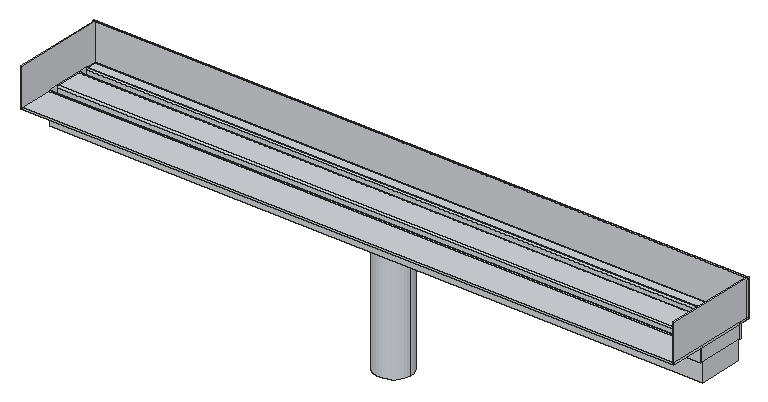
Revit family "RS775KDuschrinne", category Sanitärinstallationen, Revit 2020
Family settings
  Bemaßung runder Anschluss = Durchmesser verwenden
  Teiletyp = Normal
  Arbeitsebenenbasiert = Nein
  Immer vertikal = Ja
  Beim Laden mit Abzugskörper schneiden = Nein
  Gemeinsam genutzt = Nein
  Raumberechnungspunkt = Nein
Parameters (values of type "verdeckt mit Kleberand")
  Übergangsbride [instance] = no
  umlaufender Kleberand [instance] = no
  Vorgabe-Ansicht = 0 mm
  Verdeckt [instance] = yes
  Verbindungsbügel [instance] = L Links + L Rechts  # 1000 mm
  URL = "https://www.resitec.ch/"
  Seitenprofil Länge [instance] = 800 mm
  Seitenprofil Links [instance] = no
  Seitenprofil 4.5mm [instance] = yes
  Seitenprofil 20mm [instance] = no
  Seitenprofil [instance] = no
  Rost innen ref [instance] = 10 mm
  Rinnen Tiefe [instance] = 67 mm  # constant formula
  Rinnen Breite rechts [instance] = 500 mm
  Rinnen Breite links [instance] = 500 mm
  Rand Seitlich [instance] = 50 mm
  RS_zargonref [instance] = if(Zarge hinten, 3 mm, if(Zarge rechts, 2 mm, if(Zarge links, 1 mm, 7 mm)))  # 3 mm
  RS_sponref [instance] = if(Seitenprofil, if(Seitenprofil Links, 1, 2), 0)  # 0
  RS_spRon [instance] = (RS_sponref = 2)  # no
  RS_spLon [instance] = (RS_sponref = 1)  # no
  RS_sFalz [instance] = 4.5 mm
  RS_s002 = 1.8 mm
  RS_s001 = 3 mm  # constant formula
  RS_rechtsKR [instance] = L Rechts + RS_KR  # 550 mm
  RS_2ZGSB [instance] = no
  RS_1ZGSB [instance] = no
  RS_0xZGveron [instance] = no
  RS_min80 [instance] = if(Rinnen Tiefe < 60 mm, 60 mm, Rinnen Tiefe)  # 67 mm
  RS_linksKR [instance] = L Links + RS_KR  # 550 mm
  RS_hts [instance] = 3 mm
  RS_gefun [instance] = 60 mm
  RS_gefob [instance] = 40 mm
  RS_dpschon [instance] = yes
  RS_dimmin95 [instance] = 100 mm
  RS_dimk001 = 115 mm  # constant formula
  RS_dim002ref [instance] = 0 mm
  RS_dim001 [instance] = if(Verdeckt, 2 mm, if(RS_zargonref = 1 mm, 2 mm, if(RS_zargonref = 2 mm, 20 mm, if(RS_zargonref = 3 mm, 2 mm, 20 mm))))  # 2 mm
  RS_dim002 [instance] = if(Seitenprofil, 20 mm, if(Verdeckt, 2 mm, 20 mm))  # 2 mm
  RS_dim003 [instance] = 46 mm  # constant formula
  RS_diaRost [instance] = 2 mm
  RS_diaFalz [instance] = (RS_sFalz / 2) - 0.4 mm  # 1.85 mm
  RS_dia002 = 110 mm
  RS_dia001 = 227.5 mm
  RS_breite Rand [instance] = Rand Seitlich  # 50 mm
  RS_bSeitenpro [instance] = if(Seitenprofil 20mm, 20 mm, if(Seitenprofil 4.5mm, 4.5 mm, 20 mm))  # 4.5 mm
  RS_RohrL [instance] = if(Länge Rohr < RS_gefun, ((RS_gefun + 10 mm) - RS_gefob), Länge Rohr)  # 200 mm
  RS_RinneRon [instance] = yes
  RS_RinneLon [instance] = yes
  RS_LrechtsSeitenpro [instance] = Seitenprofil Länge  # 800 mm
  RS_LlinksSeitenpro [instance] = Seitenprofil Länge  # 800 mm
  RS_KRvorne [instance] = 80 mm  # constant formula
  RS_KRref [instance] = if(Zarge hinten, 50 mm, (if(Zarge links, 28 mm, (if(RS_ZargLon, 18 mm, 50 mm)))))  # 50 mm
  RS_KRr [instance] = yes
  RS_KRon [instance] = no
  RS_KRl [instance] = yes
  RS_KRhinten [instance] = if(RS_zargonref = 7 mm, 80 mm, if(RS_zargonref = 1 mm, 58 mm, if(RS_zargonref = 2 mm, 80 mm, if(RS_zargonref = 3 mm, 48 mm, 50 mm))))  # 48 mm
  RS_KR [instance] = if(RS_zargonref = 2 mm, 28 mm, if(Seitenprofil, RS_KRref + RS_bSeitenpro, RS_KRref))  # 50 mm
  RS_HZarge [instance] = H Zarge  # 50 mm
  RS_DN2 = 0 mm
  RS_DN1d [instance] = D  # 48.5 mm
  RS_DN1 = 100 mm  # constant formula
  RS_URL = "https://resitec.ch/entwaesserungstechnik/entwaesserungsrinnen/"
  RS_Rost_Typ [instance] = ""
  RS_Manufacture = "Resitec"  # constant formula
  RS_Description [instance] = "verdeckt an Wand mit Auslaufkasten\r\n exzentrisch sowie mit Kleberand und Zarge"
  RS_Articelnumber [instance] = "Schlitzrinne"
  RS_ZargRon [instance] = if(Zarge rechts, if(Seitenprofil, RS_zargonref > 8 mm, RS_zargonref < 3 mm), RS_zargonref = 1 mm)  # no
  RS_ZargLon [instance] = if(Seitenprofil, RS_zargonref > 8 mm, RS_zargonref = 1 mm)  # no
  RS_1xZGverdref [instance] = if(RS_zargonref = 7 mm, 1, 0)  # 0
  RS_1xZGverdon [instance] = no
  RS_ZargHon [instance] = if(Zarge hinten, RS_zargonref < 4 mm, RS_zargonref = 1 mm)  # yes
  RS_0xZGverdonref [instance] = if(Verdeckt, if(Zarge rechts, 2 mm, 7 mm), 7 mm)  # 2 mm
  Länge Rohr [instance] = 200 mm
  L Rechts Innen ref [instance] = if(RS_ZargRon, L Rechts, L Rechts - RS_breite Rand)  # 450 mm
  L Rechts [instance] = Rinnen Breite rechts  # 500 mm
  L Links innen ref [instance] = if(RS_ZargRon, L Links, L Links - RS_breite Rand)  # 450 mm
  L Links [instance] = Rinnen Breite links  # 500 mm
  Hersteller = RS_Manufacture  # "Resitec"
  H Zarge [instance] = 50 mm  # constant formula
  D [instance] = 48.5 mm
  Breite Innen ref [instance] = 40 mm  # constant formula
  Breite Aussen ref [instance] = 60 mm  # constant formula
  Description = ""
  Baugruppenkennzeichen = "D2030300"
  B [instance] = L Links + L Rechts  # 1000 mm
  Anschlusswert DU L/s = 0
  A [instance] = L Links innen ref + L Rechts Innen ref  # 900 mm
  Zarge links [instance] = yes
  Zarge rechts [instance] = yes
  Zarge hinten [instance] = yes
Types (10, lengths in mm): name | Verdeckt | Verbindungsbügel | Seitenprofil Links | Seitenprofil 4.5mm | Seitenprofil 20mm | Rinnen Breite rechts | Rinnen Breite links | RS_zargonref | RS_rechtsKR | RS_2ZGSB | RS_1ZGSB | RS_0xZGveron | RS_linksKR | RS_dim001 | RS_dim002 | RS_bSeitenpro | RS_KRref | RS_KRhinten | RS_KR | RS_ZargRon | RS_ZargLon | RS_1xZGverdref | RS_1xZGverdon | RS_ZargHon | RS_0xZGverdonref | L Rechts Innen ref | L Rechts | L Links innen ref | L Links | B | A | Zarge links | Zarge rechts | Zarge hinten
  (no name) | yes | 1000 | no | yes | no | 500 | 500 | 3 | 550 | no | no | no | 550 | 2 | 2 | 4.5 | 50 | 48 | 50 | no | no | 0 | no | yes | 2 | 450 | 500 | 450 | 500 | 1000 | 900 | yes | yes | yes
  Kleberand und an den Enden mit Zarge | no | 1000 | yes | no | yes | 500 | 500 | 2 | 528 | yes | no | no | 528 | 20 | 20 | 20 | 50 | 80 | 28 | yes | no | 0 | yes | no | 7 | 500 | 500 | 500 | 500 | 1000 | 1000 | no | yes | no
  Umlaufendem Kleberand | no | 2000 | yes | no | yes | 1000 | 1000 | 7 | 1050 | yes | no | yes | 1050 | 20 | 20 | 20 | 50 | 80 | 50 | no | no | 1 | no | no | 7 | 950 | 1000 | 950 | 1000 | 2000 | 1900 | no | no | no
  3x Zarge 1x Kleberand | no | 1000 | yes | no | yes | 500 | 500 | 3 | 550 | yes | no | no | 550 | 2 | 20 | 20 | 50 | 48 | 50 | no | no | 0 | yes | yes | 7 | 450 | 500 | 450 | 500 | 1000 | 900 | yes | yes | yes
  1x Zarge 3x Kleberand | no | 1600 | yes | no | yes | 800 | 800 | 3 | 850 | yes | yes | yes | 850 | 2 | 20 | 20 | 50 | 48 | 50 | no | no | 0 | yes | yes | 7 | 750 | 800 | 750 | 800 | 1600 | 1500 | no | no | yes
  verdeckt mit Kleberand | yes | 1000 | no | yes | no | 500 | 500 | 3 | 550 | no | no | no | 550 | 2 | 2 | 4.5 | 50 | 48 | 50 | no | no | 0 | no | yes | 2 | 450 | 500 | 450 | 500 | 1000 | 900 | yes | yes | yes
  3x Zarge verdeckt | yes | 1600 | yes | no | yes | 800 | 800 | 1 | 828 | yes | no | no | 828 | 2 | 2 | 20 | 28 | 58 | 28 | yes | yes | 0 | yes | yes | 7 | 800 | 800 | 800 | 800 | 1600 | 1600 | yes | no | no
  1x Zarge verdeckt | yes | 1600 | yes | no | yes | 800 | 800 | 3 | 850 | yes | yes | yes | 850 | 2 | 2 | 20 | 50 | 48 | 50 | no | no | 0 | yes | yes | 7 | 750 | 800 | 750 | 800 | 1600 | 1500 | no | no | yes
  2xZargeH+R | no | 1000 | yes | no | yes | 500 | 500 | 3 | 550 | yes | no | yes | 550 | 2 | 20 | 20 | 50 | 48 | 50 | no | no | 0 | no | yes | 7 | 450 | 500 | 450 | 500 | 1000 | 900 | no | yes | yes
  2xZargeH+L | no | 1000 | yes | no | yes | 500 | 500 | 3 | 550 | yes | yes | no | 550 | 2 | 20 | 20 | 50 | 48 | 50 | no | no | 0 | no | yes | 7 | 450 | 500 | 450 | 500 | 1000 | 900 | yes | no | yes
Reference planes
  plane 1 "Mitte (Vorne/hinten)": y = 0
  plane 2: z = 0
  plane 3 "Mitte (Links/rechts)": x = 0
  plane 4: x = -500
  plane 5: x = 500
  plane 6: y = 30
  plane 7: y = -30
  plane 8 "Lsite": x = -450
  plane 9 "Rsite": x = 450
  plane 10 "ebeneKBlech": z = -2
  plane 11 "ebeneKBlechVAR": z = -2
  plane 12 "back": y = 48
  plane 13: x = 550
  plane 14 "KRfront": y = -80
  plane 15: x = -550
  plane 16: z = -200
  plane 17: x = -448.2
  plane 18: x = 448.2
  plane 19: z = -46
  plane 20 "min80": z = -67
  plane 21: z = 50
  plane 22: x = -454.5
  plane 23: x = 454.5
  plane 24 "FrontspL": y = -752
  plane 25 "FrontspR": y = -752
  plane 26: x = -400
  plane 27: x = 400
  plane 28: y = -34.5
  plane 29: y = 34.5
  plane 30: y = 20
  plane 31: y = -20
  plane 32: y = -32.25
  plane 33: y = 32.25
  plane 34: z = 67.613
  plane 35 "-20base": z = -20
  plane 36: x = 478
  plane 37: x = -478
  plane 38: z = -0.2
Forms (mm)
  Extrusion 1, solid
    sketch origin (0, 80.5, -2) x (-1, 0, 0) y (0, -1, 0)
      loop
        circle (0, 80.5) r 24.15
    from -198 to -44
  Extrusion 2, solid
    sketch origin (0, 0, 0) x (0, 1, 0) y (0, 0, 1)
      loop
        line (-30, -46) -> (30, -46) -> (30, -20) -> (34.5, -20) -> (34.5, -1.85)
        arc (34.5, -1.85) -> (33.958, -0.542) -> (32.65, 0) r 1.85
        line (32.65, 0) -> (31.85, 0)
        arc (31.85, 0) -> (30.542, -0.542) -> (30, -1.85) r 1.85
        line (30, -1.85) -> (30, -15) -> (-30, -15) -> (-30, -1.85)
        arc (-30, -1.85) -> (-30.542, -0.542) -> (-31.85, 0) r 1.85
        line (-31.85, 0) -> (-32.65, 0)
        arc (-32.65, 0) -> (-33.958, -0.542) -> (-34.5, -1.85) r 1.85
        line (-34.5, -1.85) -> (-34.5, -20) -> (-30, -20) -> (-30, -46)
    from -450 to 450
  Extrusion 3, solid
    sketch origin (0, 0, -2) x (-1, 0, 0) y (0, -1, 0)
      loop
        line (450, 32.25) -> (450, 80) -> (-450, 80) -> (-450, 32.25) -> (450, 32.25)
    from 0 to 1.8
  Extrusion 4, solid
    sketch origin (0, 0, 0) x (0, 1, 0) y (0, 0, 1)
      loop
        line (18, 0) -> (-18, 0)
        arc (-18, 0) -> (-19.414, -0.586) -> (-20, -2) r 2
        line (-20, -2) -> (-20, -13.505) -> (20, -13.505) -> (20, -2)
        arc (20, -2) -> (19.414, -0.586) -> (18, 0) r 2
    from -448.2 to 448.2
  Extrusion 5, solid, visible <- "RS_ZargHon"
    sketch origin (0, 0, 0) x (0, 1, 0) y (0, 0, 1)
      loop
        line (48, 50) -> (46.2, 50) -> (46.2, -2) -> (48, -2) -> (48, 50)
    from -450 to 450
  Extrusion 6, solid
    sketch origin (0, 0, -13) x (1, 0, 0) y (0, 1, 0)
      loop
        line (-450, 48) -> (-450, 32.25) -> (450, 32.25) -> (450, 48) -> (-450, 48)
    from 11 to 12.8
  Extrusion 7, solid, visible <- "Zarge links"
    sketch origin (-450, 124.731, 1200) x (0, 1, 0) y (0, 0, 1)
      loop
        line (-76.731, -1150) -> (-204.731, -1150) -> (-204.731, -1202) -> (-76.731, -1202) -> (-76.731, -1150)
    from 0 to 1.8
  Extrusion 8, solid, visible <- "Zarge rechts"
    sketch origin (748.2, 124.731, 1200) x (0, 1, 0) y (0, 0, 1)
      loop
        line (-76.731, -1150) -> (-204.731, -1150) -> (-204.731, -1202) -> (-76.731, -1202) -> (-76.731, -1150)
    from -300 to -298.2
  Extrusion 9, solid, visible <- "RS_spLon"
    sketch origin (0, 48, 0) x (-1, 0, 0) y (0, 0, 1)
      loop
        line (500, 0) -> (500, 67.613) -> (400, 67.613) -> (400, 50) -> (450, 50) -> (450, 0) -> (500, 0)
    from 0 to -1.8
  Extrusion 10, solid
    sketch origin (0, 0, -20) x (0, 1, 0) y (-1, 0, 0)
      loop
        line (32.25, 450) -> (-32.25, 450) -> (-32.25, 448.2) -> (32.25, 448.2) -> (32.25, 450)
    from 0 to 20
  Extrusion 11, solid
    sketch origin (0, 0, -20) x (0, 1, 0) y (-1, 0, 0)
      loop
        line (32.25, -448.2) -> (-32.25, -448.2) -> (-32.25, -450) -> (32.25, -450) -> (32.25, -448.2)
    from 18 to 20
  Extrusion 12, solid, visible <- "Zarge hinten"
    sketch origin (-450, 124.731, 1200) x (0, 1, 0) y (0, 0, 1)
      loop
        line (-78.531, -1202) -> (-78.531, -1200.2) -> (-90.231, -1200.2) -> (-90.231, -1202) -> (-78.531, -1202)
    from 0 to 1.8
  Extrusion 13, solid, visible <- "RS_1ZGSB"
    sketch origin (748.2, 124.731, 1200) x (0, 1, 0) y (0, 0, 1)
      loop
        line (-78.531, -1202) -> (-78.531, -1200.2) -> (-90.231, -1200.2) -> (-90.231, -1202) -> (-78.531, -1202)
    from -300 to -298.2
  Extrusion 14, solid, visible <- "RS_spRon"
    sketch origin (0, 48, 0) x (1, 0, 0) y (0, 0, -1)
      loop
        line (500, 0) -> (450, 0) -> (450, -50) -> (400, -50) -> (400, -67.613) -> (500, -67.613) -> (500, 0)
    from 0 to -1.8
  Extrusion 15, solid
    sketch origin (1598.2, 0, -20) x (0, 1, 0) y (-1, 0, 0)
      loop
        line (32.25, 1150) -> (-32.25, 1150) -> (-32.25, 1148.2) -> (32.25, 1148.2) -> (32.25, 1150)
    from 0 to 20
  Extrusion 16, solid, visible <- "Zarge hinten"
    sketch origin (0, 0, 0) x (1, 0, 0) y (0, 1, 0)
      loop
        line (-451.8, 48) -> (-451.8, 46.2) -> (450, 46.2) -> (450, 48) -> (-451.8, 48)
    from 0 to 50
  Extrusion 17, solid, visible <- "RS_2ZGSB"
    sketch origin (0, 0, -2) x (-1, 0, 0) y (0, -1, 0)
      loop
        line (-450, -48) -> (-450, 80) -> (-500, 80) -> (-500, -48) -> (-450, -48)
    from 0 to 2
  Extrusion 18, solid, visible <- "RS_2ZGSB"
    sketch origin (0, 0, -2) x (-1, 0, 0) y (0, -1, 0)
      loop
        line (500, -48) -> (500, 80) -> (450, 80) -> (450, -48) -> (500, -48)
    from 0 to 2
  Extrusion 19, solid, visible <- "RS_0xZGveron"
    sketch origin (0, 0, -2) x (-1, 0, 0) y (0, -1, 0)
      loop
        line (500, -48) -> (500, -46.2) -> (450, -46.2) -> (450, -48) -> (500, -48)
    from 0 to 52
  Extrusion 20, solid, visible <- "RS_1xZGverdon"
    sketch origin (0, 0, -2) x (-1, 0, 0) y (0, -1, 0)
      loop
        line (-450, -48) -> (-450, -46.2) -> (-500, -46.2) -> (-500, -48) -> (-450, -48)
    from 0 to 52
Dimensions and locks
  equal spacing: plane 7, plane 1 "Mitte (Vorne/hinten)", plane 6
  "Breite Aussen ref": plane 6 to plane 7
  "L Links innen ref": plane 8 "Lsite" to plane 3 "Mitte (Links/rechts)"
  "L Rechts Innen ref": plane 3 "Mitte (Links/rechts)" to plane 9 "Rsite"
  "RS_dim001": level to plane 10 "ebeneKBlech"
  "RS_dim002": level to plane 11 "ebeneKBlechVAR"
  "RS_linksKR": plane 15 to plane 3 "Mitte (Links/rechts)"
  "RS_rechtsKR": plane 3 "Mitte (Links/rechts)" to plane 13
  "RS_KRhinten": plane 1 "Mitte (Vorne/hinten)" to plane 12 "back"
  "RS_KRvorne": plane 14 "KRfront" to plane 1 "Mitte (Vorne/hinten)"
  "RS_s002": plane 8 "Lsite" to plane 17
  "RS_s002": plane 18 to plane 9 "Rsite"
  "RS_dim003": level to plane 19
  "Länge Rohr": level to plane 16
  "RS_min80": level to plane 20 "min80"
  "RS_HZarge": plane 21 to level
  "RS_bSeitenpro": plane 22 to plane 8 "Lsite"
  "RS_bSeitenpro": plane 9 "Rsite" to plane 23
  "RS_LlinksSeitenpro": plane 12 "back" to plane 24 "FrontspL"
  "RS_LrechtsSeitenpro": plane 12 "back" to plane 25 "FrontspR"
  "RS_KR": plane 8 "Lsite" to plane 26
  "RS_KR": plane 27 to plane 9 "Rsite"
  "RS_sFalz": plane 7 to plane 28
  "RS_sFalz": plane 29 to plane 6
  equal spacing: plane 30, plane 1 "Mitte (Vorne/hinten)", plane 31
  "Breite Innen ref": plane 30 to plane 31
  equal spacing: plane 29, plane 33, plane 6, locked at 2.25 each
  equal spacing: plane 7, plane 32, plane 28, locked at 2.25 each
  "RS_s002": Extrusion 3 to plane 11 "ebeneKBlechVAR"
  level to Extrusion 4 sketch curve = 13.505 mm
  "RS_s002": plane 12 "back" to Extrusion 5 sketch curve
  "RS_s002": Extrusion 6 to plane 10 "ebeneKBlech"
  level to Extrusion 2 sketch curve = 20 mm  (x2)
  level to Extrusion 2 sketch curve = 15 mm
  "RS_KR": plane 4 to plane 8 "Lsite"
  "RS_KR": plane 9 "Rsite" to plane 5
  plane 34 to plane 21 = 17.613 mm
  "RS_s002": plane 12 "back" to Extrusion 9  (x2)
  level to plane 35 "-20base" = 20 mm
  locked: Extrusion 14 to plane 21 at 17.613
  plane 9 "Rsite" to plane 36 = 28 mm
  plane 37 to plane 8 "Lsite" = 28 mm
  "RS_s002": plane 12 "back" to Extrusion 16 sketch curve
  "RS_s002": plane 38 to plane 11 "ebeneKBlechVAR"
  diameter of Extrusion 1 sketch curve = 48.3 mm
  "RS_diaFalz": radius of Extrusion 2 sketch curve  (x4)
  "RS_diaRost": radius of Extrusion 4 sketch curve  (x2)
  aligned and locked: level to plane 2
  aligned and locked: Extrusion 1 to plane 16
  aligned and locked: Extrusion 2 sketch curve to plane 19
  aligned and locked: plane 28 to Extrusion 2 sketch curve
  aligned and locked: Extrusion 2 sketch curve to plane 29
  aligned and locked: Extrusion 2 sketch curve to level
  aligned and locked: level to Extrusion 2 sketch curve
  aligned and locked: plane 32 to Extrusion 3 sketch curve
  aligned and locked: Extrusion 3 sketch curve to Extrusion 2
  aligned and locked: Extrusion 3 sketch curve to plane 14 "KRfront"
  aligned and locked: Extrusion 3 sketch curve to plane 9 "Rsite"
  aligned and locked: Extrusion 4 sketch curve to level
  aligned and locked: Extrusion 4 sketch curve to plane 31
  aligned and locked: plane 30 to Extrusion 4 sketch curve
  aligned and locked: plane 21 to Extrusion 5 sketch curve
  aligned and locked: plane 12 "back" to Extrusion 5 sketch curve
  aligned and locked: plane 9 "Rsite" to Extrusion 5
  aligned and locked: Extrusion 5 to plane 8 "Lsite"
  aligned and locked: plane 12 "back" to Extrusion 6
  aligned and locked: plane 33 to Extrusion 6
  aligned and locked: Extrusion 6 to plane 10 "ebeneKBlech"
  aligned and locked: Extrusion 6 to plane 8 "Lsite"
  aligned and locked: plane 9 "Rsite" to Extrusion 6
  aligned and locked: plane 19 to Extrusion 1
  aligned and locked: Extrusion 5 sketch curve to plane 10 "ebeneKBlech"
  aligned and locked: Extrusion 2 to plane 8 "Lsite"
  aligned and locked: plane 9 "Rsite" to Extrusion 2
  aligned and locked: Extrusion 7 sketch curve to Extrusion 5  (x2)
  aligned and locked: Extrusion 7 sketch curve to Extrusion 3  (x2)
  aligned and locked: Extrusion 7 to plane 17
  aligned and locked: plane 12 "back" to Extrusion 8
  aligned and locked: plane 14 "KRfront" to Extrusion 8
  aligned and locked: plane 18 to Extrusion 8
  aligned and locked: plane 9 "Rsite" to Extrusion 8
  aligned and locked: Extrusion 7 to plane 8 "Lsite"
  aligned and locked: Extrusion 8 to plane 11 "ebeneKBlechVAR"
  aligned and locked: plane 21 to Extrusion 8
  aligned and locked: Extrusion 10 sketch curve to Extrusion 2
  aligned and locked: plane 17 to Extrusion 10 sketch curve
  aligned and locked: Extrusion 11 sketch curve to plane 18
  aligned and locked: Extrusion 11 sketch curve to Extrusion 2
  aligned and locked: Extrusion 12 sketch curve to Extrusion 9
  aligned and locked: Extrusion 10 to plane 33
  aligned and locked: plane 32 to Extrusion 11
  aligned and locked: Extrusion 11 to plane 11 "ebeneKBlechVAR"
  aligned and locked: plane 9 "Rsite" to Extrusion 11
  aligned and locked: plane 18 to Extrusion 11
  aligned and locked: level to Extrusion 10
  aligned and locked: level to Extrusion 11
  aligned and locked: plane 29 to Extrusion 12
  aligned and locked: Extrusion 12 to Extrusion 5
  aligned and locked: Extrusion 12 to plane 17
  aligned and locked: plane 9 "Rsite" to Extrusion 13
  aligned and locked: plane 29 to Extrusion 13
  aligned and locked: plane 18 to Extrusion 13
  aligned and locked: Extrusion 4 to plane 18
  aligned and locked: plane 17 to Extrusion 4
  aligned and locked: Extrusion 14 to plane 21
  aligned and locked: Extrusion 14 to plane 9 "Rsite"
  aligned and locked: Extrusion 14 to level
  aligned and locked: plane 5 to Extrusion 14
  aligned and locked: Extrusion 5 to Extrusion 14
  aligned and locked: plane 9 "Rsite" to Extrusion 15
  aligned and locked: plane 18 to Extrusion 15
  aligned and locked: Extrusion 16 sketch curve to Extrusion 5
  aligned and locked: Extrusion 16 sketch curve to plane 9 "Rsite"
  aligned and locked: Extrusion 17 sketch curve to plane 5
  aligned and locked: Extrusion 17 sketch curve to plane 12 "back"
  aligned and locked: plane 9 "Rsite" to Extrusion 17 sketch curve
  aligned and locked: Extrusion 17 sketch curve to plane 14 "KRfront"
  aligned and locked: plane 4 to Extrusion 18 sketch curve
  aligned and locked: Extrusion 18 sketch curve to plane 14 "KRfront"
  aligned and locked: Extrusion 18 sketch curve to plane 8 "Lsite"
  aligned and locked: Extrusion 18 sketch curve to plane 12 "back"
  aligned and locked: Extrusion 19 sketch curve to Extrusion 9
  aligned and locked: Extrusion 5 to Extrusion 19 sketch curve
  aligned and locked: Extrusion 19 sketch curve to Extrusion 12
  aligned and locked: plane 21 to Extrusion 19
  aligned and locked: Extrusion 19 to plane 11 "ebeneKBlechVAR"
  aligned and locked: Extrusion 20 sketch curve to Extrusion 16
  aligned and locked: Extrusion 8 to Extrusion 20 sketch curve
  aligned and locked: Extrusion 20 sketch curve to Extrusion 14
  aligned and locked: plane 21 to Extrusion 20
  aligned and locked: Extrusion 20 to plane 11 "ebeneKBlechVAR"
Automatic sketch dimensions
  plane 1 "Mitte (Vorne/hinten)" to Extrusion 1 sketch curve = 0 mm
  Extrusion 1 sketch curve to plane 3 "Mitte (Links/rechts)" = 0 mm
  Extrusion 6 sketch curve to plane 8 "Lsite" = 0 mm
  Extrusion 6 sketch curve to plane 9 "Rsite" = 0 mm
  plane 33 to Extrusion 6 sketch curve = 0 mm
  Extrusion 6 sketch curve to plane 12 "back" = 0 mm
  Extrusion 8 sketch curve to plane 14 "KRfront" = 0 mm
  Extrusion 8 sketch curve to plane 11 "ebeneKBlechVAR" = 0 mm
  Extrusion 8 sketch curve to plane 12 "back" = 0 mm
  Extrusion 8 sketch curve to plane 21 = 0 mm
  Extrusion 9 sketch curve to plane 21 = 0 mm
  Extrusion 9 sketch curve to plane 26 = 0 mm
  Extrusion 9 sketch curve to level = 0 mm
  Extrusion 9 sketch curve to plane 8 "Lsite" = 0 mm
  Extrusion 9 sketch curve to plane 4 = 0 mm
  Extrusion 9 sketch curve to plane 34 = 0 mm
  plane 32 to Extrusion 10 sketch curve = 0 mm
  plane 33 to Extrusion 10 sketch curve = 0 mm
  plane 32 to Extrusion 11 sketch curve = 0 mm
  plane 33 to Extrusion 11 sketch curve = 0 mm
  Extrusion 12 sketch curve to plane 10 "ebeneKBlech" = 0 mm
  Extrusion 12 sketch curve to plane 29 = 0 mm
  Extrusion 12 sketch curve to level = 0.2 mm
  Extrusion 13 sketch curve to plane 10 "ebeneKBlech" = 0 mm
  Extrusion 13 sketch curve to plane 29 = 0 mm
  Extrusion 13 sketch curve to level = 0.2 mm
  Extrusion 13 sketch curve to plane 12 "back" = 1.8 mm
  Extrusion 14 sketch curve to plane 21 = 0 mm
  Extrusion 14 sketch curve to plane 27 = 0 mm
  Extrusion 14 sketch curve to level = 0 mm
  Extrusion 14 sketch curve to plane 9 "Rsite" = 0 mm
  Extrusion 14 sketch curve to plane 5 = 0 mm
  Extrusion 14 sketch curve to plane 34 = 0 mm
  Extrusion 15 sketch curve to plane 18 = 0 mm
  plane 32 to Extrusion 15 sketch curve = 0 mm
  plane 33 to Extrusion 15 sketch curve = 0 mm
  Extrusion 15 sketch curve to plane 9 "Rsite" = 0 mm
  Extrusion 16 sketch curve to plane 8 "Lsite" = 1.8 mm
  Extrusion 19 sketch curve to plane 4 = 0 mm
  Extrusion 20 sketch curve to plane 5 = 0 mm
  Extrusion 2 sketch curve to plane 7 = 0 mm  (x2)
  Extrusion 2 sketch curve to plane 6 = 0 mm  (x2)
